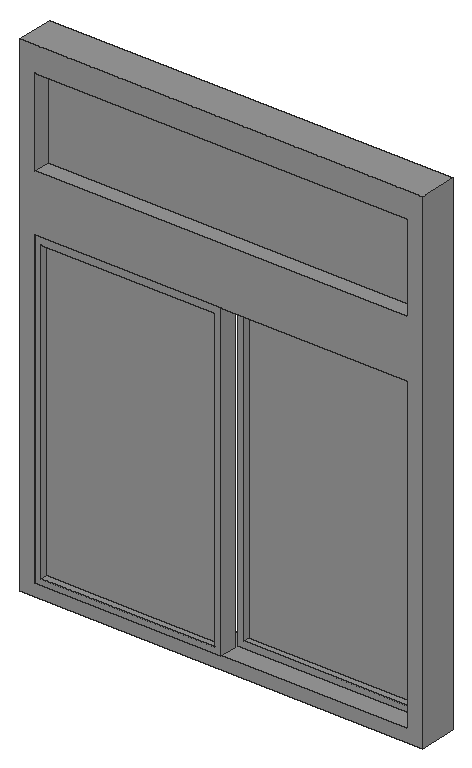
Revit family "Window W2", category Windows, host Wall, Revit 2025
Family settings
  Host = Wall
  OmniClass Number = 23.30.20.00
  OmniClass Title = Windows
  Always vertical = Yes
  Cut with Voids When Loaded = No
  Shared = No
  Room Calculation Point = No
Parameters
  Height = 4' - 0"
  Glass Material = Glass, Clear Glazing, Tempered
  Glass Depth = 0' - 0 1/2"
  Frame Material = Laminate, Black
  Depth = 0' - 4 1/2"
  Default Sill Height = 3' - 0"
  Wall Closure = By host
  Width = 4' - 0"
Reference planes (in)
  plane 1 "Center (Front/Back)": y = 0
  plane 2: z = 0
  plane 3 "Center (Left/Right)": x = 0
  plane 4 "Sill": z = 36
  plane 5 "Top": z = 84
  plane 6: y = 2.25
  plane 7: y = -2.25
  plane 8: y = 0.25
  plane 9: y = -0.25
Forms (in)
  Extrusion 1, solid, material "Laminate, Black" <- "Frame Material"
    sketch origin (0, 0, 0) x (1, 0, 0) y (0, 0, 1)
      loop
        line (22.25, 74.625) -> (-22.25, 74.625) -> (-22.25, 37.4375) -> (22.25, 37.4375) -> (22.25, 74.625)
      loop
        line (22.25, 92) -> (-22.25, 92) -> (-22.25, 81.5) -> (22.25, 81.5) -> (22.25, 92)
      loop
        line (24, 95) -> (-24, 95) -> (-24, 36) -> (24, 36) -> (24, 95)
    from -2.25 to 2.25
  Extrusion 2, solid, material "Glass, Clear Glazing, Tempered" <- "Glass Material"
    sketch origin (0, 0, 0) x (1, 0, 0) y (0, 0, 1)
      loop
        line (22.25, 92) -> (-22.25, 92) -> (-22.25, 81.5) -> (22.25, 81.5) -> (22.25, 92)
    from -0.25 to 0.25
Lines and regions (in)
  Opening 1
    outline origin (-60, -7, 0) x (1, 0, 0) y (0, 0, 1)
      loop
        line (36, 95) -> (36, 36) -> (84, 36) -> (84, 95) -> (36, 95)
Text (in)
  text "EXTERIOR" at (-58.6888, 50.90694, 0), in view "Ref. Level"
  text "INTERIOR" at (-58.6888, -37.76638, 0), in view "Ref. Level"
  text "Exterior" at (0, 43.65631, 123.19604), in view "Left"
  text "Exterior" at (0, 18.29385, 125.04747), in view "Right"
Dimensions and locks (in)
  "Height": plane 4 "Sill" to plane 5 "Top"
  "Default Sill Height": plane 2 to plane 4 "Sill"
  equal spacing: Extrusion 1 sketch curve, plane 3 "Center (Left/Right)", Extrusion 1 sketch curve  (x3)
  "Width": Extrusion 1 sketch curve to Extrusion 1 sketch curve
  Extrusion 1 sketch curve to Extrusion 1 sketch curve = 0' - 1 3/4"  (x2)
  plane 4 "Sill" to Extrusion 1 sketch curve = 4' - 11"
  Extrusion 1 sketch curve to Extrusion 1 sketch curve = 0' - 3"  (x2)
  plane 4 "Sill" to Extrusion 1 sketch curve = 0' - 1 7/16"
  Extrusion 1 sketch curve to Extrusion 1 sketch curve = 3' - 1 3/16"  (x2)
  Extrusion 1 sketch curve to Extrusion 1 sketch curve = 0' - 6 7/8"
  equal spacing: plane 6, plane 1 "Center (Front/Back)", plane 7
  "Depth": plane 6 to plane 7
  equal spacing: host wall, plane 1 "Center (Front/Back)", host wall
  equal spacing: plane 8, plane 1 "Center (Front/Back)", plane 9
  "Glass Depth": plane 8 to plane 9
  aligned and locked: plane 4 "Sill" to Opening 1 sketch curve  (x2)
  aligned and locked: level to plane 2
  aligned and locked: Extrusion 1 sketch curve to plane 4 "Sill"
  aligned and locked: Extrusion 1 to plane 7
  aligned and locked: plane 6 to Extrusion 1
  aligned and locked: Extrusion 1 to Opening 1 sketch curve  (x2)
  aligned and locked: Opening 1 sketch curve to Extrusion 1
  aligned and locked: plane 8 to Extrusion 2
  aligned and locked: Extrusion 2 to plane 9
Automatic sketch dimensions
  Extrusion 2 sketch curve to plane 5 "Top" = 0' - 8"
  Extrusion 2 sketch curve to plane 3 "Center (Left/Right)" = 1' - 10 1/4"
  plane 5 "Top" to Extrusion 2 sketch curve = 0' - 2 1/2"
  plane 3 "Center (Left/Right)" to Extrusion 2 sketch curve = 1' - 10 1/4"
Nested families (in)
  nested 1: "Family7" at (-11.125, -1.25, 37.4375), type "Family7"
  nested 2: "Family7" at (11.125, 1.25, 37.4375), type "Family7"
Definition of nested family "Family7"
  Parameters (values of type "Family7")
    Width = 1' - 10 1/4"
    Glass Material = none
    Glass Depth = 0' - 0 1/2"
    Frame Material = none
    Depth = 0' - 2"
    Default Elevation = 0' - 0"
  Reference planes (in)
    plane 1 "Center (Front/Back)": y = 0
    plane 2: z = 0
    plane 3 "Center (Left/Right)": x = 0
    plane 4: y = 1
    plane 5: y = -1
    plane 6: y = 0.25
    plane 7: y = -0.25
  Forms (in)
    Extrusion 1, solid, material <- "Frame Material"
      sketch origin (0, 0, 0) x (1, 0, 0) y (0, 0, 1)
        loop
          line (-11.125, 37.1875) -> (-11.125, 0) -> (11.125, 0) -> (11.125, 37.1875) -> (-11.125, 37.1875)
        loop
          line (10.375, 36.4375) -> (-10.375, 36.4375) -> (-10.375, 0.75) -> (10.375, 0.75) -> (10.375, 36.4375)
      from -1 to 1
    Extrusion 2, solid, material <- "Glass Material"
      sketch origin (0, 0, 0) x (1, 0, 0) y (0, 0, 1)
        loop
          line (-10.375, 36.4375) -> (-10.375, 0.75) -> (10.375, 0.75) -> (10.375, 36.4375) -> (-10.375, 36.4375)
      from -0.25 to 0.25
  Lines and regions (in)
    symbolic lines
      curve 1: line (-10.375, 1, 0) -> (-9.84984, 0.25, 0)
      curve 2: line (-10.375, -1, 0) -> (-9.84984, -0.25, 0)
      curve 3: line (10.375, 1, 0) -> (9.84984, 0.25, 0)
      curve 4: line (10.375, -1, 0) -> (9.84984, -0.25, 0)
  Dimensions and locks (in)
    equal spacing: Extrusion 1 sketch curve, plane 3 "Center (Left/Right)", Extrusion 1 sketch curve
    "Width": Extrusion 1 sketch curve to Extrusion 1 sketch curve
    Extrusion 1 sketch curve to plane 2 = 3' - 1 3/16"
    equal spacing: plane 4, plane 1 "Center (Front/Back)", plane 5
    "Depth": plane 4 to plane 5
    equal spacing: plane 6, plane 1 "Center (Front/Back)", plane 7
    "Glass Depth": plane 6 to plane 7
    aligned and locked: plane 2 to level
    aligned and locked: Extrusion 1 to plane 5
    aligned and locked: plane 4 to Extrusion 1
    aligned and locked: Extrusion 1 to Extrusion 2 sketch curve  (x3)
    aligned and locked: Extrusion 2 sketch curve to Extrusion 1
    aligned and locked: Extrusion 2 to plane 7
    aligned and locked: plane 6 to Extrusion 2
  Automatic sketch dimensions
    curve 2 to plane 5 = 0' - 0"
    curve 1 to plane 4 = 0' - 0"
    curve 2 to plane 7 = 0' - 0"
    curve 1 to plane 6 = 0' - 0"
    curve 3 to plane 6 = 0' - 0"
    curve 4 to plane 7 = 0' - 0"
    curve 4 to plane 5 = 0' - 0"
    curve 3 to plane 4 = 0' - 0"
    curve 2 to plane 3 "Center (Left/Right)" = 0' - 10 3/8"
    curve 1 to curve 2 = 0' - 0"  (x2)
    curve 2 to curve 2 = 0' - 0.52516"
    plane 3 "Center (Left/Right)" to curve 3 = 0' - 9.84984"
    curve 4 to curve 3 = 0' - 0"
    curve 4 to curve 4 = 0' - 0.52516"
    curve 3 to curve 3 = 0' - 0.52516"
    Extrusion 1 sketch curve to level = 0' - 0"
    Extrusion 1 sketch curve to Extrusion 1 sketch curve = 0' - 0 3/4"  (x3)
    level to Extrusion 1 sketch curve = 0' - 0 3/4"
